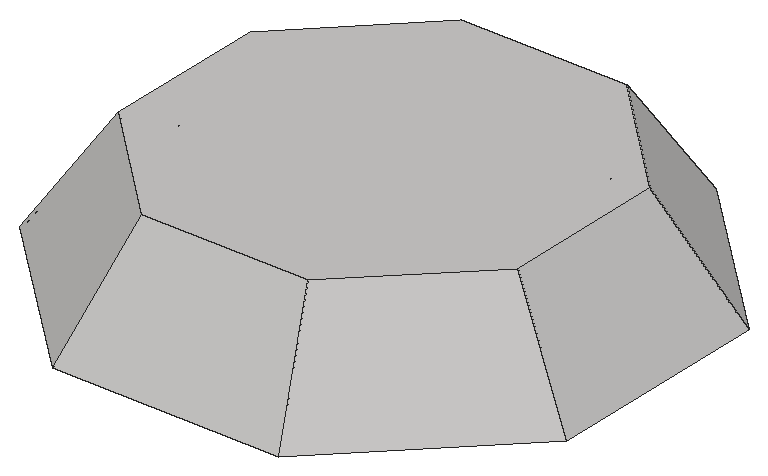
Revit family "НЕВАТОМ_Зонт VO, Версия 1", category Арматура воздуховодов, Revit 2017
Family settings
  Размер круглого соединителя = Использовать диаметр
  Тип детали = Присоединяется
  На основе рабочей плоскости = Нет
  Всегда вертикально = Да
  При загрузке вырезать с полостями = Нет
  Общий = Нет
Parameters (values of type "Зонт VO №4")
  толщина зонта = 4 mm
  высота ободка = 20 mm
  высота ножек = 193 mm
  высота кольца = 10 mm
  высота зонта = 200 mm
  видимость ножки 9 = no
  видимость ножки 8 = no
  видимость ножки 7 = no
  видимость ножки 6 = yes
  видимость ножки 5 = yes
  видимость ножки 4 = no
  видимость ножки 3 = yes
  видимость ножки 2 = yes
  видимость ножки = yes
  h = 193 mm
  d5 = 576.5 mm
  Nevatom_URL = "https://t.me/NEVATOM_Bim_bot"
  L1 = 600 mm
  L = 823 mm
  H = 233 mm
  Db1 = 251.5 mm
  DDDD = (D - 15 mm) / 2  # 242.5 mm
  DDD = 933.5 mm
  D2 = 550 mm
  D = 500 mm
  ADSK_Примечание = ""
  ADSK_Позиция = ""
  ADSK_Наименование = "Зонт"  # constant formula
  ADSK_Материал наименование = "оцинкованная сталь"
  ADSK_Масса = 17.3
  ADSK_Марка = "VO №4"
  ADSK_Код изделия = ""
  ADSK_Завод-изготовитель = "НЕВАТОМ"  # constant formula
  ADSK_Единица измерения = "шт."  # constant formula
Types (9, lengths in mm): name | высота ножек | видимость ножки 9 | видимость ножки 8 | видимость ножки 7 | видимость ножки 5 | видимость ножки 4 | видимость ножки 3 | видимость ножки 2 | видимость ножки | h | L1 | L | H | Db1 | DDDD | D2 | D | ADSK_Материал наименование | ADSK_Масса | ADSK_Марка
  (no name) | 193 | no | no | no | yes | no | yes | yes | yes | 193 | 600 | 823 | 233 | 251.5 | 242.5 | 550 | 500 | "оцинкованная сталь" | 17.3 | "VO №4"
  Зонт VO №4,5 | 221 | yes | no | no | yes | no | yes | yes | no | 222 | 640 | 925 | 261 | 281.5 | 272.5 | 610 | 560 | "оцинкованная сталь" | 20.2 | "VO №4,5"
  Зонт VO №4 | 193 | no | no | no | yes | no | yes | yes | yes | 193 | 600 | 823 | 233 | 251.5 | 242.5 | 550 | 500 | "оцинкованная сталь" | 17.3 | "VO №4"
  Зонт VO №5 | 221 | yes | yes | yes | no | no | yes | yes | no | 259 | 720 | 1048 | 285 | 316.5 | 307.5 | 680 | 630 | "" | 25 | "VO №5"
  Зонт VO №9 | 469 | yes | yes | yes | yes | yes | yes | yes | yes | 453 | 1212 | 1986 | 509 | 561.5 | 552.5 | 1184 | 1120 | "" | 72.4 | "VO №9"
  Зонт VO №8 | 415 | yes | yes | yes | yes | yes | yes | yes | no | 426 | 1212 | 1602 | 455 | 501.5 | 492.5 | 1080 | 1000 | "" | 60 | "VO №8"
  Зонт VO №7,1 | 415 | yes | yes | yes | yes | yes | yes | yes | no | 361 | 1000 | 1484 | 409 | 451.5 | 442.5 | 964 | 900 | "сталь оцинкованная" | 49.2 | "VO №7,1"
  ЗОНТ VO №6,3 | 415 | yes | yes | yes | yes | no | no | no | no | 361 | 904 | 1319 | 355 | 401.5 | 392.5 | 864 | 800 | "сталь оцинкованная" | 36.3 | "VO №6,3"
  Зонт VO №5,6 | 415 | yes | yes | yes | yes | no | no | no | no | 277 | 824 | 1270 | 320 | 356.5 | 347.5 | 790 | 710 | "сталь оцинкованная" | 31.8 | "VO №5,6"
Reference planes
  plane 1 "По центру (Вперед/Назад)": y = 0
  plane 2: z = 0
  plane 3 "По центру (Влево/Вправо)": x = 0
  plane 4: y = 411.5
  plane 5: x = 411.5
  plane 6: y = -411.5
  plane 7: x = -411.5
  plane 8: through (0, 0, 1200) normal (-0.7071, 0.7071, 0)
  plane 9: through (0, 0, 1200) normal (-0.7071, -0.7071, 0)
  plane 10: through (-290.974, 290.974, 1200) normal (-0.7071, 0.7071, 0)
  plane 11: through (290.974, -290.974, 1200) normal (-0.7071, 0.7071, 0)
  plane 12: through (290.974, 290.974, 1200) normal (-0.7071, -0.7071, 0)
  plane 13: through (-290.974, -290.974, 1200) normal (-0.7071, -0.7071, 0)
  plane 14: x = 0
  plane 15: y = 0
  plane 16: y = -411.5
  plane 17: y = 300
  plane 18: y = -300
  plane 19: x = 300
  plane 20: x = -300
  plane 21: through (0, 0, 1200) normal (-0.7071, 0.7071, 0)
  plane 22: through (0, 0, 1200) normal (-0.7071, -0.7071, 0)
  plane 23: through (141.53, -282.734, 1200) normal (-0.7071, 0.7071, 0)
  plane 24: through (-282.734, 141.53, 1200) normal (-0.7071, 0.7071, 0)
  plane 25: through (-141.53, -282.734, 1200) normal (-0.7071, -0.7071, 0)
  plane 26: through (282.734, 141.53, 1200) normal (-0.7071, -0.7071, 0)
  plane 27: z = 173
  plane 28: z = 169
  plane 29: z = 193
  plane 30: z = -40
  plane 31: z = 163
Forms (mm)
  Blend 1, solid, material "Сталь нержавеющая AISI 446"
    base sketch origin (0, 0, 0) x (1, 0, 0) y (0, 1, 0)
      loop
        line (411.5, -170.449) -> (411.5, 170.449) -> (170.449, 411.5) -> (-170.449, 411.5) -> (-411.5, 170.449) -> (-411.5, -170.449) -> (-170.449, -411.5) -> (170.449, -411.5) -> (411.5, -170.449)
    top sketch origin (0, 0, 0) x (1, 0, 0) y (0, 1, 0)
      loop
        line (300, -124.264) -> (300, 124.264) -> (124.264, 300) -> (-124.264, 300) -> (-300, 124.264) -> (-300, -124.264) -> (-124.264, -300) -> (124.264, -300) -> (300, -124.264)
    from 0 to 173
  Blend 2, void
    base sketch origin (0, 0, 0) x (1, 0, 0) y (0, 1, 0)
      loop
        line (407.5, 168.792) -> (168.792, 407.5) -> (-168.792, 407.5) -> (-407.5, 168.792) -> (-407.5, -168.792) -> (-168.792, -407.5) -> (168.792, -407.5) -> (407.5, -168.792) -> (407.5, 168.792)
    top sketch origin (0, 0, 0) x (1, 0, 0) y (0, 1, 0)
      loop
        line (296, 122.607) -> (122.607, 296) -> (-122.607, 296) -> (-296, 122.607) -> (-296, -122.607) -> (-122.607, -296) -> (122.607, -296) -> (296, -122.607) -> (296, 122.607)
    from 0 to 169
  Extrusion 3, solid, not visible
    sketch origin (0, 0, 0) x (1, 0, 0) y (0, 1, 0)
      loop
        circle (0, 0) r 275
      loop
        circle (0, 0) r 250
    from 163 to 169
  Extrusion 4, solid
    sketch origin (0, 0, 0) x (1, 0, 0) y (0, 1, 0)
      loop
        circle (0, 0) r 275
      loop
        circle (0, 0) r 250
    from -40 to -50
  Extrusion 5, solid
    sketch origin (0, 0, 150) x (1, 0, 0) y (0, 1, 0)
      loop
        circle (0, 0) r 275
      loop
        circle (0, 0) r 250
    from 19 to 9
  Extrusion 6, solid
    sketch origin (0, 0, 0) x (1, 0, 0) y (0, 1, 0)
      loop
        line (-10.349, 262.5) -> (-10.349, 242.5) -> (9.651, 242.5) -> (9.651, 262.5) -> (-10.349, 262.5)
    from -40 to 169
  Extrusion 7, solid
    sketch origin (0, 0, 0) x (1, 0, 0) y (0, 1, 0)
      loop
        line (-10.349, -262.5) -> (9.651, -262.5) -> (9.651, -242.5) -> (-10.349, -242.5) -> (-10.349, -262.5)
    from -40 to 169
  Extrusion 8, solid
    sketch origin (356.5, -358.59, 0) x (1, 0, 0) y (0, 1, 0)
      loop
        line (-114, 369) -> (-114, 349) -> (-94, 349) -> (-94, 369) -> (-114, 369)
    from -40 to 169
  Extrusion 9, solid
    sketch origin (-356.5, -358.59, 0) x (-1, 0, 0) y (0, -1, 0)
      loop
        line (-114, -369) -> (-94, -369) -> (-94, -349) -> (-114, -349) -> (-114, -369)
    from -40 to 169
Cuts and joins
  Blend 2 cuts Blend 1
Dimensions and locks
  equal spacing: plane 7, plane 3 "По центру (Влево/Вправо)", plane 5
  "L": plane 7 to plane 5
  equal spacing: plane 4, plane 1 "По центру (Вперед/Назад)", plane 6
  "L": plane 6 to plane 4
  equal spacing: plane 10, plane 8, plane 11
  "L": plane 10 to plane 11
  equal spacing: plane 13, plane 9, plane 12
  "L": plane 13 to plane 12
  equal spacing: plane 24, plane 21, plane 23
  "L1": plane 24 to plane 23
  equal spacing: plane 26, plane 22, plane 25
  "L1": plane 26 to plane 25
  equal spacing: plane 17, plane 15, plane 18
  "L1": plane 17 to plane 18
  equal spacing: plane 20, plane 14, plane 19
  "L1": plane 20 to plane 19
  "толщина зонта": Blend 2 sketch curve to plane 5
  "толщина зонта": plane 7 to Blend 2 sketch curve
  "толщина зонта": plane 6 to Blend 2 sketch curve
  "толщина зонта": Blend 2 sketch curve to Blend 1  (x2)
  "толщина зонта": plane 13 to Blend 2 sketch curve
  "толщина зонта": plane 10 to Blend 2 sketch curve
  "толщина зонта": plane 4 to Blend 2 sketch curve
  "толщина зонта": plane 12 to Blend 2 sketch curve
  "толщина зонта": Blend 1 to Blend 2 sketch curve  (x7)
  "толщина зонта": plane 27 to plane 28
  "высота ободка": plane 29 to plane 27
  "h": plane 29 to level
  "H": plane 29 to plane 30
  "высота кольца": plane 27 to plane 31
  "высота кольца": plane 30 to Extrusion 4
  locked: Extrusion 5 to Extrusion 5 at 10
  "DDDD": plane 1 "По центру (Вперед/Назад)" to Extrusion 6
  "DDDD": plane 1 "По центру (Вперед/Назад)" to Extrusion 7
  "DDDD": plane 3 "По центру (Влево/Вправо)" to Extrusion 8
  "DDDD": Extrusion 9 to plane 3 "По центру (Влево/Вправо)"
  "D2": diameter of Extrusion 3 sketch curve
  "D": diameter of Extrusion 3 sketch curve
  "D2": diameter of Extrusion 4 sketch curve
  "D": diameter of Extrusion 4 sketch curve
  "D2": diameter of Extrusion 5 sketch curve
  "D": diameter of Extrusion 5 sketch curve
  aligned and locked: level to plane 2
  aligned and locked: plane 4 to Blend 1 sketch curve
  aligned and locked: plane 12 to Blend 1 sketch curve
  aligned and locked: plane 5 to Blend 1 sketch curve
  aligned and locked: Blend 1 sketch curve to plane 11
  aligned and locked: plane 6 to Blend 1 sketch curve
  aligned and locked: plane 13 to Blend 1 sketch curve
  aligned and locked: Blend 1 sketch curve to plane 7
  aligned and locked: plane 10 to Blend 1 sketch curve
  aligned and locked: plane 17 to Blend 1 sketch curve
  aligned and locked: plane 26 to Blend 1 sketch curve
  aligned and locked: Blend 1 sketch curve to plane 19
  aligned and locked: Blend 1 sketch curve to plane 23
  aligned and locked: Blend 1 sketch curve to plane 18
  aligned and locked: Blend 1 sketch curve to plane 25
  aligned and locked: plane 20 to Blend 1 sketch curve
  aligned and locked: plane 24 to Blend 1 sketch curve
  aligned and locked: plane 27 to Blend 1
  aligned and locked: Blend 1 to level
  aligned and locked: plane 28 to cut or joined group of Blend 1, Blend 2
  aligned and locked: plane 28 to Extrusion 3
  aligned and locked: Extrusion 3 to plane 31
  aligned and locked: plane 30 to Extrusion 4
  aligned and locked: plane 28 to Extrusion 5
  aligned and locked: plane 28 to Extrusion 9
  aligned and locked: plane 28 to Extrusion 7
  aligned and locked: plane 28 to Extrusion 6
  aligned and locked: plane 28 to Extrusion 8
  aligned and locked: plane 30 to Extrusion 9
  aligned and locked: plane 30 to Extrusion 7
  aligned and locked: plane 30 to Extrusion 6
  aligned and locked: plane 30 to Extrusion 8
Automatic sketch dimensions
  Extrusion 6 sketch curve to plane 3 "По центру (Влево/Вправо)" = 10.349 mm
  plane 3 "По центру (Влево/Вправо)" to Extrusion 6 sketch curve = 9.651 mm
  Extrusion 6 sketch curve to plane 4 = 169 mm
  Extrusion 6 sketch curve to Extrusion 6 sketch curve = 20 mm
  plane 3 "По центру (Влево/Вправо)" to Extrusion 7 sketch curve = 10.349 mm
  Extrusion 7 sketch curve to plane 3 "По центру (Влево/Вправо)" = 9.651 mm
  plane 6 to Extrusion 7 sketch curve = 169 mm
  Extrusion 7 sketch curve to Extrusion 7 sketch curve = 20 mm
  plane 1 "По центру (Вперед/Назад)" to Extrusion 8 sketch curve = 9.59 mm
  Extrusion 8 sketch curve to plane 5 = 169 mm
  Extrusion 8 sketch curve to Extrusion 8 sketch curve = 20 mm
  Extrusion 8 sketch curve to plane 1 "По центру (Вперед/Назад)" = 10.41 mm
  Extrusion 9 sketch curve to plane 1 "По центру (Вперед/Назад)" = 9.59 mm
  Extrusion 9 sketch curve to plane 7 = 169 mm
  Extrusion 9 sketch curve to Extrusion 9 sketch curve = 20 mm
  plane 1 "По центру (Вперед/Назад)" to Extrusion 9 sketch curve = 10.41 mm
  Extrusion 3 sketch curve to Extrusion 3 sketch curve = 0 mm  (x2)
  plane 1 "По центру (Вперед/Назад)" to Extrusion 3 sketch curve = 0 mm
  Extrusion 3 sketch curve to plane 3 "По центру (Влево/Вправо)" = 0 mm
  Extrusion 4 sketch curve to Extrusion 4 sketch curve = 0 mm  (x2)
  plane 1 "По центру (Вперед/Назад)" to Extrusion 4 sketch curve = 0 mm
  Extrusion 4 sketch curve to plane 3 "По центру (Влево/Вправо)" = 0 mm
  Extrusion 5 sketch curve to Extrusion 5 sketch curve = 0 mm  (x2)
  plane 1 "По центру (Вперед/Назад)" to Extrusion 5 sketch curve = 0 mm
  Extrusion 5 sketch curve to plane 3 "По центру (Влево/Вправо)" = 0 mm
Connectors
  hvac at (0, 0, -50), driven by "D"
    settings: on Extrusion 4, index 1, duct flow 0.0 L/s, flow factor 0, pres drop 0.0 Pa, loss coef 0, conn angle 0.00°, conn width 304.8 mm, conn height 304.8 mm, conn diameter 500 mm, duct sys type 29, conn prof type 0, flow config 1, flow direction 0, loss method 0, conn ref index -1, conn util no, is conn primary yes, conn desc ""
